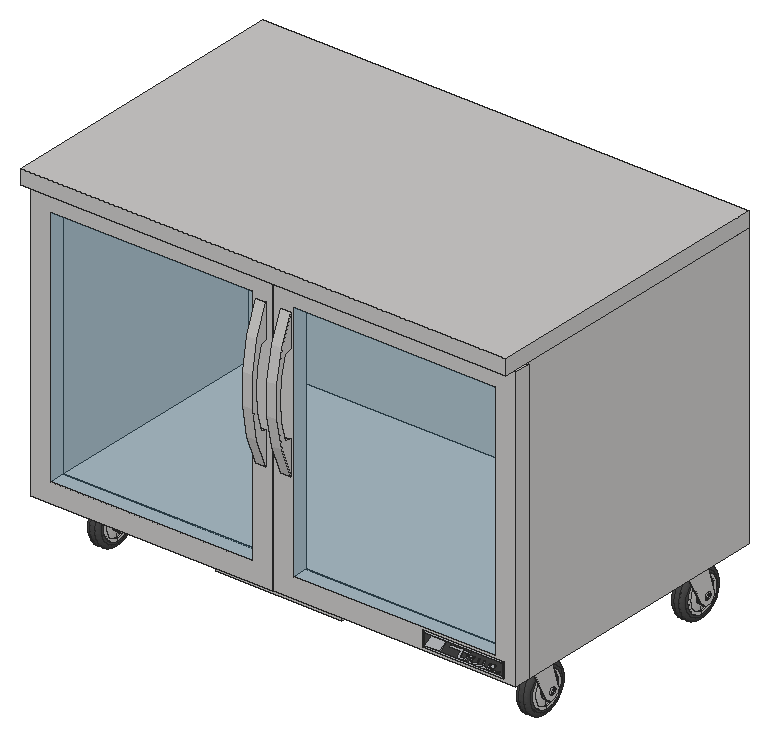
Revit family "QF_TRUE_TUC-48G-HC~FGD01", category Specialty Equipment, Revit 2015 (continued)
Definition of nested family "Caster-Legs"
  Definition of nested family "C4"
    Reference planes (in)
      plane 2 "RIGHT": x = 0
      plane 3 "FRONT": y = 0
      plane 4 "TOP": z = 4.25
    Forms (in)
      Revolve 1, solid, visible <- "Show 4 Inches Casters"
        sketch origin (-1.93794, 0.83816, -1.0041) x (1, 0, 0) y (0, 0, 1)
          loop
            line (0.74055, 2.5041) -> (3.15007, 2.5041) -> (3.15007, 2.5796) -> (3.10007, 2.6296) -> (3.04007, 2.6296) -> (3.04007, 2.74967) -> (2.62438, 2.74967) -> (2.62438, 2.93884) -> (2.48438, 3.01967) -> (2.45908, 3.17597) -> (2.51563, 3.17597) -> (2.51563, 3.41035) -> (2.48438, 3.41035) -> (2.48438, 4.0041) -> (1.375, 4.0041) -> (1.375, 3.41035) -> (1.34375, 3.41035) -> (1.34375, 3.17597) -> (1.4003, 3.17597) -> (1.37557, 3.02318) -> (1.235, 2.94202) -> (1.235, 2.74967) -> (0.85055, 2.74967) -> (0.85055, 2.6296) -> (0.79055, 2.6296) -> (0.74055, 2.5796) -> (0.74055, 2.5041)
          axis (0.74055, 2.5041) -> (3.15007, 2.5041)
        angle from 0 to 360
      Extrusion 2, solid, visible <- "Show 4 Inches Casters"
        sketch origin (-1.93794, 1.80294, -1.7541) x (0, 1, 0) y (0, 0, 1)
          loop
            line (-3.08794, 5.33423) -> (-3.08794, 5.00584) -> (-2.69466, 5.00584)
            arc (-2.69466, 5.00584) -> (-1.57175, 4.94895) -> (-0.46376, 4.75787) r 9.36411
            arc (-0.46376, 4.75787) -> (-0.05889, 4.58436) -> (0.28335, 4.30705) r 1.60049
            line (0.28335, 4.30705) -> (0.34449, 4.39437)
            arc (0.34449, 4.39437) -> (0.12713, 4.6163) -> (-0.1239, 4.79931) r 1.8753
            line (-0.1239, 4.79931) -> (-0.05749, 4.91421)
            arc (-0.05749, 4.91421) -> (-0.33807, 5.05694) -> (-0.64294, 5.13542) r 1.44292
            line (-0.64294, 5.13542) -> (-0.64294, 5.33423) -> (-3.08794, 5.33423)
        from 1.1267 to 2.74918
      Revolve 3, solid, visible <- "Show 4 Inches Casters"
        sketch origin (0, 2.15543, -2.25) x (0, 1, 0) y (0, 0, 1)
          loop
            line (-2.21793, 6.5) -> (-2.21793, 5.83014) -> (-1.05793, 5.83014) -> (-1.05793, 6.5) -> (-2.21793, 6.5)
          axis (-2.21793, 5.83014) -> (-2.21793, 6.5)
        angle from 0 to 360
      Extrusion 4, solid, visible <- "Show 4 Inches Casters"
        sketch origin (-1.93794, 1.80294, -1.7541) x (0, 1, 0) y (0, 0, 1)
          loop
            line (-3.08794, 5.33423) -> (-3.08794, 5.00584) -> (-2.8913, 5.00584)
            arc (-2.8913, 5.00584) -> (-2.09118, 4.14057) -> (-1.45681, 3.14736) r 6.63355
            arc (-1.45681, 3.14736) -> (-0.85703, 2.75969) -> (-0.4561, 3.35069) r 0.5107
            arc (-0.4561, 3.35069) -> (-0.27092, 3.92503) -> (0.24034, 4.24562) r 0.88136
            line (0.24034, 4.24562) -> (0.34449, 4.39437)
            arc (0.34449, 4.39437) -> (0.12713, 4.6163) -> (-0.1239, 4.79931) r 1.8753
            line (-0.1239, 4.79931) -> (-0.05749, 4.91421)
            arc (-0.05749, 4.91421) -> (-0.33807, 5.05694) -> (-0.64294, 5.13542) r 1.44292
            line (-0.64294, 5.13542) -> (-0.64294, 5.33423) -> (-3.08794, 5.33423)
        from 2.74918 to 2.90825
      Extrusion 5, solid, visible <- "Show 4 Inches Casters"
        sketch origin (1.93794, 1.80294, -1.7541) x (0, 1, 0) y (0, 0, -1)
          loop
            line (-3.08794, -5.33423) -> (-0.64294, -5.33423) -> (-0.64294, -5.13542)
            arc (-0.64294, -5.13542) -> (-0.33807, -5.05694) -> (-0.05749, -4.91421) r 1.44292
            line (-0.05749, -4.91421) -> (-0.1239, -4.79931)
            arc (-0.1239, -4.79931) -> (0.12713, -4.6163) -> (0.34449, -4.39437) r 1.8753
            line (0.34449, -4.39437) -> (0.24034, -4.24562)
            arc (0.24034, -4.24562) -> (-0.27092, -3.92503) -> (-0.4561, -3.35069) r 0.88136
            arc (-0.4561, -3.35069) -> (-0.85703, -2.75969) -> (-1.45681, -3.14736) r 0.5107
            arc (-1.45681, -3.14736) -> (-2.09118, -4.14057) -> (-2.8913, -5.00584) r 6.63355
            line (-2.8913, -5.00584) -> (-3.08794, -5.00584) -> (-3.08794, -5.33423)
        from 2.74918 to 2.90825
    Cuts and joins
      joined: Extrusion 2, Extrusion 4, Extrusion 5
    Lines and regions (in)
      symbolic lines, visible <- "Show 4 Inches Casters"
        curve 1: line (0.28481, 1.83041, 0) -> (1.24556, 1.27572, 0)
        curve 2: line (-1.26206, -0.84886, 0) -> (0.28481, 1.83041, 0)
        curve 3: line (-0.30132, -1.40355, 0) -> (-1.26206, -0.84886, 0)
        curve 4: line (1.24556, 1.27572, 0) -> (-0.30132, -1.40355, 0)
    Dimensions and locks (in)
      plane 4 "TOP" to level = 4 1/4"  (x2)
      aligned and locked: level to plane 1
  Definition of nested family "6 Inches Leg & Caster"
    Parameters
      Weight = ""
      URL Manufacturer = ""
      URL Cutsheet = ""
      URL = ""
      Type Mark [instance] = ""
      Status [instance] = ""
      Specification by User [instance] = ""
      Specification by Manufacturer = ""
      Show Casters [instance] = yes
      Serial Number = ""
      Seismic Rating = ""
      SMACNA No = ""
      Revision Code [instance] = ""
      Omniclass Number and Title = ""
      NAFEM Spec ID Number = ""
      Model = ""
      MasterSpec. = ""
      Manufacturer = ""
      Item Number [instance] = ""
      Installed By [instance] = ""
      Identify Quantity as Lot [instance] = yes
      Furnished By [instance] = ""
      Foodservice Equipment Identifier [instance] = yes
      Description = ""
      CSI MasterFormat = ""
      CSI Master Format = ""
    Reference planes (in)
      plane 1 "BACK": y = 0
      plane 2: z = 0
      plane 3 "LEFT": x = 0
      plane 4 "RIGHT": x = 0
      plane 5 "FRONT": y = 0
      plane 6 "TOP": z = 6.25
    Forms (in)
      Revolve 1, solid, visible <- "Show Casters"
        sketch origin (-2.21793, 0, -0.25) x (-1, 0, 0) y (0, 0, 1)
          loop
            line (-2.21793, 6) -> (-2.21793, 5.55584) -> (-0.93693, 5.55584) -> (-0.93693, 6) -> (-2.21793, 6)
          axis (-2.21793, 5.55584) -> (-2.21793, 6)
        angle from 0 to 360
      Extrusion 2, solid, visible <- "Show Casters"
        sketch origin (0.25594, 2.21793, -0.1875) x (0, 1, 0) y (0, 0, 1)
          loop
            line (-3.37793, 5.49334) -> (-3.37793, 5.24334) -> (-1.63015, 2.08504)
            arc (-1.63015, 2.08504) -> (-0.63555, 1.74359) -> (-0.1951, 2.69848) r 0.78437
            line (-0.1951, 2.69848) -> (-1.06726, 5.49334) -> (-3.37793, 5.49334)
        from 0.78968 to 0.90247
      Extrusion 3, solid, visible <- "Show Casters"
        sketch origin (0, 0, 5.75) x (0, 1, 0) y (-1, 0, 0)
          loop
            circle (0, 0) r 0.75
        from 0 to 0.5
      Extrusion 4, solid, visible <- "Show Casters"
        sketch origin (-0.25594, 2.21793, -0.1875) x (0, 1, 0) y (0, 0, -1)
          loop
            line (-3.37793, -5.49334) -> (-1.06726, -5.49334) -> (-0.1951, -2.69848)
            arc (-0.1951, -2.69848) -> (-0.63555, -1.74359) -> (-1.63015, -2.08504) r 0.78437
            line (-1.63015, -2.08504) -> (-3.37793, -5.24334) -> (-3.37793, -5.49334)
        from 0.78968 to 0.90247
      Extrusion 5, solid, visible <- "Show Casters"
        sketch origin (0, 0, 0.75) x (0, 1, 0) y (0, 0, 1)
          loop
            line (-1.16, 4.55584) -> (-1.16, 4.30584) -> (1.15067, 4.30584) -> (1.15067, 4.55584) -> (-1.16, 4.55584)
        from -1.04562 to 1.04562
      Revolve 6, solid, visible <- "Show Casters"
        sketch origin (-1.9375, 1.23015, -0.12802) x (1, 0, 0) y (0, 0, 1)
          loop
            line (0.5843, 2.5041) -> (0.5843, 2.3661) -> (0.6343, 2.3161) -> (0.6943, 2.3161) -> (0.6943, 2.1804) -> (1.1725, 2.1804) -> (1.1725, 1.78493) -> (1.31307, 1.70377) -> (1.42647, 1.00302) -> (1.28125, 1.00302) -> (1.28125, 0.75302) -> (1.3125, 0.75302) -> (1.3125, 0.50302)
            arc (1.3125, 0.50302) -> (1.42233, 0.23785) -> (1.6875, 0.12802) r 0.375
            line (1.6875, 0.12802) -> (2.1875, 0.12802)
            arc (2.1875, 0.12802) -> (2.45267, 0.23785) -> (2.5625, 0.50302) r 0.375
            line (2.5625, 0.50302) -> (2.5625, 0.75302) -> (2.59375, 0.75302) -> (2.59375, 1.00302) -> (2.44853, 1.00302) -> (2.5625, 1.70728) -> (2.7025, 1.78811) -> (2.7025, 2.1804) -> (3.1807, 2.1804) -> (3.1807, 2.3161) -> (3.2407, 2.3161) -> (3.2907, 2.3661) -> (3.2907, 2.5041) -> (0.5843, 2.5041)
          axis (0.5843, 2.5041) -> (3.2907, 2.5041)
        angle from 0 to 360
    Cuts and joins
      joined: Extrusion 2, Extrusion 4, Extrusion 5
    Lines and regions (in)
      symbolic lines, visible <- "Show Casters"
        curve 1: line (0.46086, 2.04455, 0) -> (1.54339, 1.41955, 0)
        curve 2: line (-1.53914, -1.41955, 0) -> (0.46086, 2.04455, 0)
        curve 3: line (-0.45661, -2.04455, 0) -> (-1.53914, -1.41955, 0)
        curve 4: line (1.54339, 1.41955, 0) -> (-0.45661, -2.04455, 0)
    Dimensions and locks (in)
      plane 6 "TOP" to level = 6 1/4"  (x2)
      aligned and locked: level to plane 2
